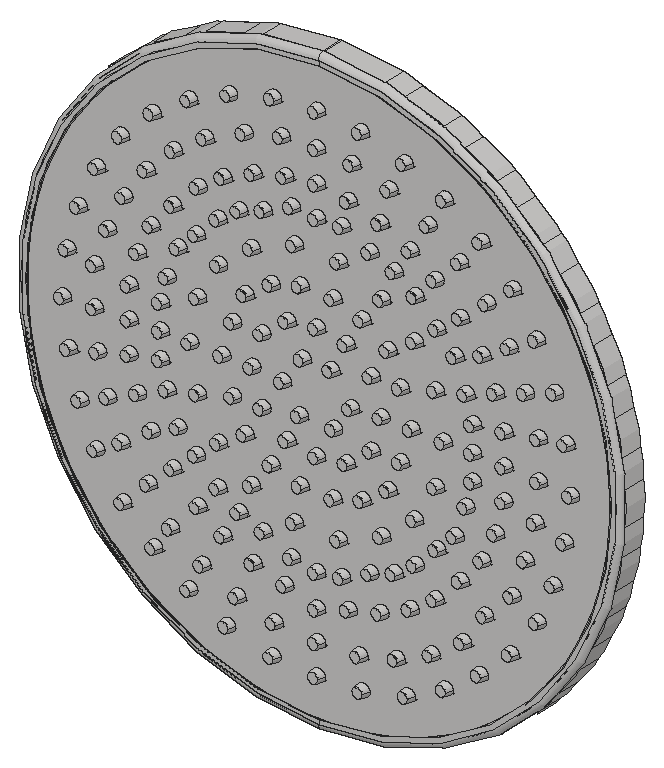
Revit family "51258-bim", category Plumbing Fixtures, host Face, Revit 2014
Parameters (values of type "Standard")
  Width = 11 27/32"  # constant formula
  Vent Connection = no
  URL = ""
  Manufacturer = ""
  Faucet Material = Metal - Delta - Stainless-Steel
  Model = "51258-bim"  # constant formula
  Height = 11 51/64"  # constant formula
  Description = "Faucet"  # constant formula
  Depth = 2 13/32"  # constant formula
  Default Elevation = 0"
Reference planes (in)
  plane 1 "Center (Front/Back)": y = 0
  plane 2: z = 0
  plane 3 "Center (Left/Right)": x = 0
  plane 4: y = 1.20312
  plane 5: y = -1.20313
  plane 6: z = 11.79687
  plane 7: x = 10.125
  plane 8: x = -5.92187
  plane 9: x = 5.92188
Forms (in)
  Revolve 1, solid, material "Metal - Delta - Stainless-Steel" <- "Faucet Material"
    sketch origin (0, 0, 0) x (0, 1, 0) y (0, 0, 1)
      loop
        line (-0.45086, 11.78051) -> (-0.88294, 11.78051)
        arc (-0.88294, 11.78051) -> (-0.96716, 11.74563) -> (-1.00205, 11.66141) r 0.1191
        line (-1.00205, 11.66141) -> (-1.00205, 11.57038) -> (-0.94299, 11.57038) -> (-0.94299, 11.66546)
        arc (-0.94299, 11.66546) -> (-0.92671, 11.70477) -> (-0.88741, 11.72105) r 0.05558
        line (-0.88741, 11.72105) -> (-0.45086, 11.72105) -> (-0.45086, 11.78051)
      loop
        line (-0.42566, 6.62303) -> (-0.42566, 5.875) -> (0.57614, 5.875) -> (0.57614, 6.03268) -> (1.22709, 6.03268) -> (1.22709, 6.31603)
        arc (1.22709, 6.31603) -> (1.22026, 6.33253) -> (1.20376, 6.33936) r 0.02333
        line (1.20376, 6.33936) -> (0.57338, 6.33936)
        arc (0.57338, 6.33936) -> (0.53452, 6.32327) -> (0.51843, 6.28441) r 0.05495
        line (0.51843, 6.28441) -> (0.51843, 6.21611) -> (0.40877, 6.21611)
        arc (0.40877, 6.21611) -> (0.37524, 6.24811) -> (0.33732, 6.27476) r 0.31046
        line (0.33732, 6.27476) -> (0.33732, 6.59478)
        arc (0.33732, 6.59478) -> (0.32905, 6.61476) -> (0.30908, 6.62303) r 0.02825
        line (0.30908, 6.62303) -> (-0.42566, 6.62303)
      axis (-1.00205, 5.875) -> (1.22709, 5.875)
    angle from 0 to 360
  Extrusion 2, solid, material "Metal - Delta - Stainless-Steel" <- "Faucet Material"
    sketch origin (0, 0, 0) x (1, 0, 0) y (0, 0, 1)
      loop
        circle (0, 5.875) r 5.69538
    from 0.45086 to 1.00205
  Blend 3, solid, material "Metal - Delta - Stainless-Steel" <- "Faucet Material"
    base sketch origin (0, 0, 0) x (1, 0, 0) y (0, 0, 1)
      loop
        circle (-0.85469, 10.74571) r 0.14299
    top sketch origin (0, 0, 0) x (1, 0, 0) y (0, 0, 1)
      loop
        circle (-0.85469, 10.74571) r 0.09774
    from 0.91543 to 1.14378
  Blend 4, solid, material "Metal - Delta - Stainless-Steel" <- "Faucet Material"
    base sketch origin (0.85469, 0, 0.07478) x (1, 0, 0) y (0, 0, 1)
      loop
        circle (-0.85469, 10.74571) r 0.14299
    top sketch origin (0.85469, 0, 0.07478) x (1, 0, 0) y (0, 0, 1)
      loop
        circle (-0.85469, 10.74571) r 0.09774
    from 0.91543 to 1.14378
  Blend 5, solid, material "Metal - Delta - Stainless-Steel" <- "Faucet Material"
    base sketch origin (-0.85206, 0, -0.24096) x (1, 0, 0) y (0, 0, 1)
      loop
        circle (-0.85469, 10.74571) r 0.14299
    top sketch origin (-0.85206, 0, -0.24096) x (1, 0, 0) y (0, 0, 1)
      loop
        circle (-0.85469, 10.74571) r 0.09774
    from 0.91543 to 1.14378
  Blend 6, solid, material "Metal - Delta - Stainless-Steel" <- "Faucet Material"
    base sketch origin (-1.62977, 0, -0.60362) x (1, 0, 0) y (0, 0, 1)
      loop
        circle (-0.85469, 10.74571) r 0.14299
    top sketch origin (-1.62977, 0, -0.60362) x (1, 0, 0) y (0, 0, 1)
      loop
        circle (-0.85469, 10.74571) r 0.09774
    from 0.91543 to 1.14378
  Blend 7, solid, material "Metal - Delta - Stainless-Steel" <- "Faucet Material"
    base sketch origin (-2.34575, 0, -1.08655) x (1, 0, 0) y (0, 0, 1)
      loop
        circle (-0.85469, 10.74571) r 0.14299
    top sketch origin (-2.34575, 0, -1.08655) x (1, 0, 0) y (0, 0, 1)
      loop
        circle (-0.85469, 10.74571) r 0.09774
    from 0.91543 to 1.14378
  Blend 8, solid, material "Metal - Delta - Stainless-Steel" <- "Faucet Material"
    base sketch origin (-2.95972, 0, -1.70052) x (1, 0, 0) y (0, 0, 1)
      loop
        circle (-0.85469, 10.74571) r 0.14299
    top sketch origin (-2.95972, 0, -1.70052) x (1, 0, 0) y (0, 0, 1)
      loop
        circle (-0.85469, 10.74571) r 0.09774
    from 0.91543 to 1.14378
  Blend 9, solid, material "Metal - Delta - Stainless-Steel" <- "Faucet Material"
    base sketch origin (-3.42343, 0, -2.41457) x (1, 0, 0) y (0, 0, 1)
      loop
        circle (-0.85469, 10.74571) r 0.14299
    top sketch origin (-3.42343, 0, -2.41457) x (1, 0, 0) y (0, 0, 1)
      loop
        circle (-0.85469, 10.74571) r 0.09774
    from 0.91543 to 1.14378
  Blend 10, solid, material "Metal - Delta - Stainless-Steel" <- "Faucet Material"
    base sketch origin (-3.77958, 0, -3.2145) x (1, 0, 0) y (0, 0, 1)
      loop
        circle (-0.85469, 10.74571) r 0.14299
    top sketch origin (-3.77958, 0, -3.2145) x (1, 0, 0) y (0, 0, 1)
      loop
        circle (-0.85469, 10.74571) r 0.09774
    from 0.91543 to 1.14378
  Blend 11, solid, material "Metal - Delta - Stainless-Steel" <- "Faucet Material"
    base sketch origin (-3.99912, 0, -4.03383) x (1, 0, 0) y (0, 0, 1)
      loop
        circle (-0.85469, 10.74571) r 0.14299
    top sketch origin (-3.99912, 0, -4.03383) x (1, 0, 0) y (0, 0, 1)
      loop
        circle (-0.85469, 10.74571) r 0.09774
    from 0.91543 to 1.14378
  Blend 12, solid, material "Metal - Delta - Stainless-Steel" <- "Faucet Material"
    base sketch origin (-4.09023, 0, -4.90065) x (1, 0, 0) y (0, 0, 1)
      loop
        circle (-0.85469, 10.74571) r 0.14299
    top sketch origin (-4.09023, 0, -4.90065) x (1, 0, 0) y (0, 0, 1)
      loop
        circle (-0.85469, 10.74571) r 0.09774
    from 0.91543 to 1.14378
  Blend 13, solid, material "Metal - Delta - Stainless-Steel" <- "Faucet Material"
    base sketch origin (-3.96941, 0, -5.76031) x (1, 0, 0) y (0, 0, 1)
      loop
        circle (-0.85469, 10.74571) r 0.14299
    top sketch origin (-3.96941, 0, -5.76031) x (1, 0, 0) y (0, 0, 1)
      loop
        circle (-0.85469, 10.74571) r 0.09774
    from 0.91543 to 1.14378
  Blend 14, solid, material "Metal - Delta - Stainless-Steel" <- "Faucet Material"
    base sketch origin (-3.74884, 0, -6.58349) x (1, 0, 0) y (0, 0, 1)
      loop
        circle (-0.85469, 10.74571) r 0.14299
    top sketch origin (-3.74884, 0, -6.58349) x (1, 0, 0) y (0, 0, 1)
      loop
        circle (-0.85469, 10.74571) r 0.09774
    from 0.91543 to 1.14378
  Blend 15, solid, material "Metal - Delta - Stainless-Steel" <- "Faucet Material"
    base sketch origin (-3.43807, 0, -7.33568) x (1, 0, 0) y (0, 0, 1)
      loop
        circle (-0.85469, 10.74571) r 0.14299
    top sketch origin (-3.43807, 0, -7.33568) x (1, 0, 0) y (0, 0, 1)
      loop
        circle (-0.85469, 10.74571) r 0.09774
    from 0.91543 to 1.14378
  Blend 16, solid, material "Metal - Delta - Stainless-Steel" <- "Faucet Material"
    base sketch origin (-2.91414, 0, -8.07505) x (1, 0, 0) y (0, 0, 1)
      loop
        circle (-0.85469, 10.74571) r 0.14299
    top sketch origin (-2.91414, 0, -8.07505) x (1, 0, 0) y (0, 0, 1)
      loop
        circle (-0.85469, 10.74571) r 0.09774
    from 0.91543 to 1.14378
  Blend 17, solid, material "Metal - Delta - Stainless-Steel" <- "Faucet Material"
    base sketch origin (-2.31124, 0, -8.64722) x (1, 0, 0) y (0, 0, 1)
      loop
        circle (-0.85469, 10.74571) r 0.14299
    top sketch origin (-2.31124, 0, -8.64722) x (1, 0, 0) y (0, 0, 1)
      loop
        circle (-0.85469, 10.74571) r 0.09774
    from 0.91543 to 1.14378
  Blend 18, solid, material "Metal - Delta - Stainless-Steel" <- "Faucet Material"
    base sketch origin (-1.62941, 0, -9.14156) x (1, 0, 0) y (0, 0, 1)
      loop
        circle (-0.85469, 10.74571) r 0.14299
    top sketch origin (-1.62941, 0, -9.14156) x (1, 0, 0) y (0, 0, 1)
      loop
        circle (-0.85469, 10.74571) r 0.09774
    from 0.91543 to 1.14378
  Blend 19, solid, material "Metal - Delta - Stainless-Steel" <- "Faucet Material"
    base sketch origin (-0.89226, 0, -9.51786) x (1, 0, 0) y (0, 0, 1)
      loop
        circle (-0.85469, 10.74571) r 0.14299
    top sketch origin (-0.89226, 0, -9.51786) x (1, 0, 0) y (0, 0, 1)
      loop
        circle (-0.85469, 10.74571) r 0.09774
    from 0.91543 to 1.14378
  Blend 20, solid, material "Metal - Delta - Stainless-Steel" <- "Faucet Material"
    base sketch origin (-0.0119, 0, -9.74166) x (1, 0, 0) y (0, 0, 1)
      loop
        circle (-0.85469, 10.74571) r 0.14299
    top sketch origin (-0.0119, 0, -9.74166) x (1, 0, 0) y (0, 0, 1)
      loop
        circle (-0.85469, 10.74571) r 0.09774
    from 0.91543 to 1.14378
  Blend 21, solid, material "Metal - Delta - Stainless-Steel" <- "Faucet Material"
    base sketch origin (0.85469, 0, -0.58274) x (1, 0, 0) y (0, 0, 1)
      loop
        circle (-0.85469, 10.74571) r 0.14299
    top sketch origin (0.85469, 0, -0.58274) x (1, 0, 0) y (0, 0, 1)
      loop
        circle (-0.85469, 10.74571) r 0.09774
    from 0.91543 to 1.14378
  Blend 22, solid, material "Metal - Delta - Stainless-Steel" <- "Faucet Material"
    base sketch origin (0.85469, 0, -1.19871) x (1, 0, 0) y (0, 0, 1)
      loop
        circle (-0.85469, 10.74571) r 0.14299
    top sketch origin (0.85469, 0, -1.19871) x (1, 0, 0) y (0, 0, 1)
      loop
        circle (-0.85469, 10.74571) r 0.09774
    from 0.91543 to 1.14378
  Blend 23, solid, material "Metal - Delta - Stainless-Steel" <- "Faucet Material"
    base sketch origin (0.85469, 0, -1.80035) x (1, 0, 0) y (0, 0, 1)
      loop
        circle (-0.85469, 10.74571) r 0.14299
    top sketch origin (0.85469, 0, -1.80035) x (1, 0, 0) y (0, 0, 1)
      loop
        circle (-0.85469, 10.74571) r 0.09774
    from 0.91543 to 1.14378
  Blend 24, solid, material "Metal - Delta - Stainless-Steel" <- "Faucet Material"
    base sketch origin (0.16859, 0, -0.61199) x (1, 0, 0) y (0, 0, 1)
      loop
        circle (-0.85469, 10.74571) r 0.14299
    top sketch origin (0.16859, 0, -0.61199) x (1, 0, 0) y (0, 0, 1)
      loop
        circle (-0.85469, 10.74571) r 0.09774
    from 0.91543 to 1.14378
  Blend 25, solid, material "Metal - Delta - Stainless-Steel" <- "Faucet Material"
    base sketch origin (-0.55585, 0, -0.8061) x (1, 0, 0) y (0, 0, 1)
      loop
        circle (-0.85469, 10.74571) r 0.14299
    top sketch origin (-0.55585, 0, -0.8061) x (1, 0, 0) y (0, 0, 1)
      loop
        circle (-0.85469, 10.74571) r 0.09774
    from 0.91543 to 1.14378
  Blend 26, solid, material "Metal - Delta - Stainless-Steel" <- "Faucet Material"
    base sketch origin (-1.31674, 0, -1.16091) x (1, 0, 0) y (0, 0, 1)
      loop
        circle (-0.85469, 10.74571) r 0.14299
    top sketch origin (-1.31674, 0, -1.16091) x (1, 0, 0) y (0, 0, 1)
      loop
        circle (-0.85469, 10.74571) r 0.09774
    from 0.91543 to 1.14378
  Blend 27, solid, material "Metal - Delta - Stainless-Steel" <- "Faucet Material"
    base sketch origin (-1.93111, 0, -1.59109) x (1, 0, 0) y (0, 0, 1)
      loop
        circle (-0.85469, 10.74571) r 0.14299
    top sketch origin (-1.93111, 0, -1.59109) x (1, 0, 0) y (0, 0, 1)
      loop
        circle (-0.85469, 10.74571) r 0.09774
    from 0.91543 to 1.14378
  Blend 28, solid, material "Metal - Delta - Stainless-Steel" <- "Faucet Material"
    base sketch origin (-2.46144, 0, -2.12142) x (1, 0, 0) y (0, 0, 1)
      loop
        circle (-0.85469, 10.74571) r 0.14299
    top sketch origin (-2.46144, 0, -2.12142) x (1, 0, 0) y (0, 0, 1)
      loop
        circle (-0.85469, 10.74571) r 0.09774
    from 0.91543 to 1.14378
  Blend 29, solid, material "Metal - Delta - Stainless-Steel" <- "Faucet Material"
    base sketch origin (-2.89162, 0, -2.73579) x (1, 0, 0) y (0, 0, 1)
      loop
        circle (-0.85469, 10.74571) r 0.14299
    top sketch origin (-2.89162, 0, -2.73579) x (1, 0, 0) y (0, 0, 1)
      loop
        circle (-0.85469, 10.74571) r 0.09774
    from 0.91543 to 1.14378
  Blend 30, solid, material "Metal - Delta - Stainless-Steel" <- "Faucet Material"
    base sketch origin (-3.20858, 0, -3.41552) x (1, 0, 0) y (0, 0, 1)
      loop
        circle (-0.85469, 10.74571) r 0.14299
    top sketch origin (-3.20858, 0, -3.41552) x (1, 0, 0) y (0, 0, 1)
      loop
        circle (-0.85469, 10.74571) r 0.09774
    from 0.91543 to 1.14378
  Blend 31, solid, material "Metal - Delta - Stainless-Steel" <- "Faucet Material"
    base sketch origin (-3.4651, 0, -4.12029) x (1, 0, 0) y (0, 0, 1)
      loop
        circle (-0.85469, 10.74571) r 0.14299
    top sketch origin (-3.4651, 0, -4.12029) x (1, 0, 0) y (0, 0, 1)
      loop
        circle (-0.85469, 10.74571) r 0.09774
    from 0.91543 to 1.14378
  Blend 32, solid, material "Metal - Delta - Stainless-Steel" <- "Faucet Material"
    base sketch origin (-3.4651, 0, -4.87029) x (1, 0, 0) y (0, 0, 1)
      loop
        circle (-0.85469, 10.74571) r 0.14299
    top sketch origin (-3.4651, 0, -4.87029) x (1, 0, 0) y (0, 0, 1)
      loop
        circle (-0.85469, 10.74571) r 0.09774
    from 0.91543 to 1.14378
  Blend 33, solid, material "Metal - Delta - Stainless-Steel" <- "Faucet Material"
    base sketch origin (-3.39973, 0, -5.61743) x (1, 0, 0) y (0, 0, 1)
      loop
        circle (-0.85469, 10.74571) r 0.14299
    top sketch origin (-3.39973, 0, -5.61743) x (1, 0, 0) y (0, 0, 1)
      loop
        circle (-0.85469, 10.74571) r 0.09774
    from 0.91543 to 1.14378
  Blend 34, solid, material "Metal - Delta - Stainless-Steel" <- "Faucet Material"
    base sketch origin (-3.20562, 0, -6.34188) x (1, 0, 0) y (0, 0, 1)
      loop
        circle (-0.85469, 10.74571) r 0.14299
    top sketch origin (-3.20562, 0, -6.34188) x (1, 0, 0) y (0, 0, 1)
      loop
        circle (-0.85469, 10.74571) r 0.09774
    from 0.91543 to 1.14378
  Blend 35, solid, material "Metal - Delta - Stainless-Steel" <- "Faucet Material"
    base sketch origin (-2.9491, 0, -7.04665) x (1, 0, 0) y (0, 0, 1)
      loop
        circle (-0.85469, 10.74571) r 0.14299
    top sketch origin (-2.9491, 0, -7.04665) x (1, 0, 0) y (0, 0, 1)
      loop
        circle (-0.85469, 10.74571) r 0.09774
    from 0.91543 to 1.14378
  Blend 36, solid, material "Metal - Delta - Stainless-Steel" <- "Faucet Material"
    base sketch origin (-2.41877, 0, -7.57698) x (1, 0, 0) y (0, 0, 1)
      loop
        circle (-0.85469, 10.74571) r 0.14299
    top sketch origin (-2.41877, 0, -7.57698) x (1, 0, 0) y (0, 0, 1)
      loop
        circle (-0.85469, 10.74571) r 0.09774
    from 0.91543 to 1.14378
  Blend 37, solid, material "Metal - Delta - Stainless-Steel" <- "Faucet Material"
    base sketch origin (-1.98859, 0, -8.19134) x (1, 0, 0) y (0, 0, 1)
      loop
        circle (-0.85469, 10.74571) r 0.14299
    top sketch origin (-1.98859, 0, -8.19134) x (1, 0, 0) y (0, 0, 1)
      loop
        circle (-0.85469, 10.74571) r 0.09774
    from 0.91543 to 1.14378
  Blend 38, solid, material "Metal - Delta - Stainless-Steel" <- "Faucet Material"
    base sketch origin (-1.37422, 0, -8.62152) x (1, 0, 0) y (0, 0, 1)
      loop
        circle (-0.85469, 10.74571) r 0.14299
    top sketch origin (-1.37422, 0, -8.62152) x (1, 0, 0) y (0, 0, 1)
      loop
        circle (-0.85469, 10.74571) r 0.09774
    from 0.91543 to 1.14378
  Blend 39, solid, material "Metal - Delta - Stainless-Steel" <- "Faucet Material"
    base sketch origin (-0.69449, 0, -8.93849) x (1, 0, 0) y (0, 0, 1)
      loop
        circle (-0.85469, 10.74571) r 0.14299
    top sketch origin (-0.69449, 0, -8.93849) x (1, 0, 0) y (0, 0, 1)
      loop
        circle (-0.85469, 10.74571) r 0.09774
    from 0.91543 to 1.14378
  Blend 40, solid, material "Metal - Delta - Stainless-Steel" <- "Faucet Material"
    base sketch origin (0.02995, 0, -9.1326) x (1, 0, 0) y (0, 0, 1)
      loop
        circle (-0.85469, 10.74571) r 0.14299
    top sketch origin (0.02995, 0, -9.1326) x (1, 0, 0) y (0, 0, 1)
      loop
        circle (-0.85469, 10.74571) r 0.09774
    from 0.91543 to 1.14378
  Blend 41, solid, material "Metal - Delta - Stainless-Steel" <- "Faucet Material"
    base sketch origin (0.23757, 0, -1.28434) x (1, 0, 0) y (0, 0, 1)
      loop
        circle (-0.85469, 10.74571) r 0.14299
    top sketch origin (0.23757, 0, -1.28434) x (1, 0, 0) y (0, 0, 1)
      loop
        circle (-0.85469, 10.74571) r 0.09774
    from 0.91543 to 1.14378
  Blend 42, solid, material "Metal - Delta - Stainless-Steel" <- "Faucet Material"
    base sketch origin (-0.3801, 0, -1.44984) x (1, 0, 0) y (0, 0, 1)
      loop
        circle (-0.85469, 10.74571) r 0.14299
    top sketch origin (-0.3801, 0, -1.44984) x (1, 0, 0) y (0, 0, 1)
      loop
        circle (-0.85469, 10.74571) r 0.09774
    from 0.91543 to 1.14378
  Blend 43, solid, material "Metal - Delta - Stainless-Steel" <- "Faucet Material"
    base sketch origin (-0.96558, 0, -1.72286) x (1, 0, 0) y (0, 0, 1)
      loop
        circle (-0.85469, 10.74571) r 0.14299
    top sketch origin (-0.96558, 0, -1.72286) x (1, 0, 0) y (0, 0, 1)
      loop
        circle (-0.85469, 10.74571) r 0.09774
    from 0.91543 to 1.14378
  Blend 44, solid, material "Metal - Delta - Stainless-Steel" <- "Faucet Material"
    base sketch origin (-1.45082, 0, -2.06262) x (1, 0, 0) y (0, 0, 1)
      loop
        circle (-0.85469, 10.74571) r 0.14299
    top sketch origin (-1.45082, 0, -2.06262) x (1, 0, 0) y (0, 0, 1)
      loop
        circle (-0.85469, 10.74571) r 0.09774
    from 0.91543 to 1.14378
  Blend 45, solid, material "Metal - Delta - Stainless-Steel" <- "Faucet Material"
    base sketch origin (-1.94112, 0, -2.55292) x (1, 0, 0) y (0, 0, 1)
      loop
        circle (-0.85469, 10.74571) r 0.14299
    top sketch origin (-1.94112, 0, -2.55292) x (1, 0, 0) y (0, 0, 1)
      loop
        circle (-0.85469, 10.74571) r 0.09774
    from 0.91543 to 1.14378
  Blend 46, solid, material "Metal - Delta - Stainless-Steel" <- "Faucet Material"
    base sketch origin (-2.36377, 0, -3.05662) x (1, 0, 0) y (0, 0, 1)
      loop
        circle (-0.85469, 10.74571) r 0.14299
    top sketch origin (-2.36377, 0, -3.05662) x (1, 0, 0) y (0, 0, 1)
      loop
        circle (-0.85469, 10.74571) r 0.09774
    from 0.91543 to 1.14378
  Blend 47, solid, material "Metal - Delta - Stainless-Steel" <- "Faucet Material"
    base sketch origin (-2.62563, 0, -3.61817) x (1, 0, 0) y (0, 0, 1)
      loop
        circle (-0.85469, 10.74571) r 0.14299
    top sketch origin (-2.62563, 0, -3.61817) x (1, 0, 0) y (0, 0, 1)
      loop
        circle (-0.85469, 10.74571) r 0.09774
    from 0.91543 to 1.14378
  Blend 48, solid, material "Metal - Delta - Stainless-Steel" <- "Faucet Material"
    base sketch origin (-2.79208, 0, -4.23938) x (1, 0, 0) y (0, 0, 1)
      loop
        circle (-0.85469, 10.74571) r 0.14299
    top sketch origin (-2.79208, 0, -4.23938) x (1, 0, 0) y (0, 0, 1)
      loop
        circle (-0.85469, 10.74571) r 0.09774
    from 0.91543 to 1.14378
  Blend 49, solid, material "Metal - Delta - Stainless-Steel" <- "Faucet Material"
    base sketch origin (-2.79208, 0, -4.84676) x (1, 0, 0) y (0, 0, 1)
      loop
        circle (-0.85469, 10.74571) r 0.14299
    top sketch origin (-2.79208, 0, -4.84676) x (1, 0, 0) y (0, 0, 1)
      loop
        circle (-0.85469, 10.74571) r 0.09774
    from 0.91543 to 1.14378
  Blend 50, solid, material "Metal - Delta - Stainless-Steel" <- "Faucet Material"
    base sketch origin (0.23757, 0, 13.08223) x (1, 0, 0) y (0, 0, 1)
      loop
        circle (-0.85469, -10.74571) r 0.14299
    top sketch origin (0.23757, 0, 13.08223) x (1, 0, 0) y (0, 0, 1)
      loop
        circle (-0.85469, -10.74571) r 0.09774
    from 0.91543 to 1.14378
  Blend 51, solid, material "Metal - Delta - Stainless-Steel" <- "Faucet Material"
    base sketch origin (-0.3801, 0, 13.24774) x (1, 0, 0) y (0, 0, 1)
      loop
        circle (-0.85469, -10.74571) r 0.14299
    top sketch origin (-0.3801, 0, 13.24774) x (1, 0, 0) y (0, 0, 1)
      loop
        circle (-0.85469, -10.74571) r 0.09774
    from 0.91543 to 1.14378
  Blend 52, solid, material "Metal - Delta - Stainless-Steel" <- "Faucet Material"
    base sketch origin (-0.96558, 0, 13.52075) x (1, 0, 0) y (0, 0, 1)
      loop
        circle (-0.85469, -10.74571) r 0.14299
    top sketch origin (-0.96558, 0, 13.52075) x (1, 0, 0) y (0, 0, 1)
      loop
        circle (-0.85469, -10.74571) r 0.09774
    from 0.91543 to 1.14378
  Blend 53, solid, material "Metal - Delta - Stainless-Steel" <- "Faucet Material"
    base sketch origin (-1.45082, 0, 13.86052) x (1, 0, 0) y (0, 0, 1)
      loop
        circle (-0.85469, -10.74571) r 0.14299
    top sketch origin (-1.45082, 0, 13.86052) x (1, 0, 0) y (0, 0, 1)
      loop
        circle (-0.85469, -10.74571) r 0.09774
    from 0.91543 to 1.14378
  Blend 54, solid, material "Metal - Delta - Stainless-Steel" <- "Faucet Material"
    base sketch origin (-1.94112, 0, 14.35082) x (1, 0, 0) y (0, 0, 1)
      loop
        circle (-0.85469, -10.74571) r 0.14299
    top sketch origin (-1.94112, 0, 14.35082) x (1, 0, 0) y (0, 0, 1)
      loop
        circle (-0.85469, -10.74571) r 0.09774
    from 0.91543 to 1.14378
  Blend 55, solid, material "Metal - Delta - Stainless-Steel" <- "Faucet Material"
    base sketch origin (-2.36377, 0, 14.85452) x (1, 0, 0) y (0, 0, 1)
      loop
        circle (-0.85469, -10.74571) r 0.14299
    top sketch origin (-2.36377, 0, 14.85452) x (1, 0, 0) y (0, 0, 1)
      loop
        circle (-0.85469, -10.74571) r 0.09774
    from 0.91543 to 1.14378
  Blend 56, solid, material "Metal - Delta - Stainless-Steel" <- "Faucet Material"
    base sketch origin (-2.62563, 0, 15.41607) x (1, 0, 0) y (0, 0, 1)
      loop
        circle (-0.85469, -10.74571) r 0.14299
    top sketch origin (-2.62563, 0, 15.41607) x (1, 0, 0) y (0, 0, 1)
      loop
        circle (-0.85469, -10.74571) r 0.09774
    from 0.91543 to 1.14378
  Blend 57, solid, material "Metal - Delta - Stainless-Steel" <- "Faucet Material"
    base sketch origin (-2.79208, 0, 16.03727) x (1, 0, 0) y (0, 0, 1)
      loop
        circle (-0.85469, -10.74571) r 0.14299
    top sketch origin (-2.79208, 0, 16.03727) x (1, 0, 0) y (0, 0, 1)
      loop
        circle (-0.85469, -10.74571) r 0.09774
    from 0.91543 to 1.14378
  Blend 58, solid, material "Metal - Delta - Stainless-Steel" <- "Faucet Material"
    base sketch origin (0.36698, 0, -1.7673) x (1, 0, 0) y (0, 0, 1)
      loop
        circle (-0.85469, 10.74571) r 0.14299
    top sketch origin (0.36698, 0, -1.7673) x (1, 0, 0) y (0, 0, 1)
      loop
        circle (-0.85469, 10.74571) r 0.09774
    from 0.91543 to 1.14378
  Blend 59, solid, material "Metal - Delta - Stainless-Steel" <- "Faucet Material"
    base sketch origin (-0.18414, 0, -2.02429) x (1, 0, 0) y (0, 0, 1)
      loop
        circle (-0.85469, 10.74571) r 0.14299
    top sketch origin (-0.18414, 0, -2.02429) x (1, 0, 0) y (0, 0, 1)
      loop
        circle (-0.85469, 10.74571) r 0.09774
    from 0.91543 to 1.14378
  Blend 60, solid, material "Metal - Delta - Stainless-Steel" <- "Faucet Material"
    base sketch origin (-0.65399, 0, -2.1953) x (1, 0, 0) y (0, 0, 1)
      loop
        circle (-0.85469, 10.74571) r 0.14299
    top sketch origin (-0.65399, 0, -2.1953) x (1, 0, 0) y (0, 0, 1)
      loop
        circle (-0.85469, 10.74571) r 0.09774
    from 0.91543 to 1.14378
  Blend 61, solid, material "Metal - Delta - Stainless-Steel" <- "Faucet Material"
    base sketch origin (-1.06356, 0, -2.48209) x (1, 0, 0) y (0, 0, 1)
      loop
        circle (-0.85469, 10.74571) r 0.14299
    top sketch origin (-1.06356, 0, -2.48209) x (1, 0, 0) y (0, 0, 1)
      loop
        circle (-0.85469, 10.74571) r 0.09774
    from 0.91543 to 1.14378
  Blend 62, solid, material "Metal - Delta - Stainless-Steel" <- "Faucet Material"
    base sketch origin (-1.48565, 0, -2.90418) x (1, 0, 0) y (0, 0, 1)
      loop
        circle (-0.85469, 10.74571) r 0.14299
    top sketch origin (-1.48565, 0, -2.90418) x (1, 0, 0) y (0, 0, 1)
      loop
        circle (-0.85469, 10.74571) r 0.09774
    from 0.91543 to 1.14378
  Blend 63, solid, material "Metal - Delta - Stainless-Steel" <- "Faucet Material"
    base sketch origin (-1.83921, 0, -3.25773) x (1, 0, 0) y (0, 0, 1)
      loop
        circle (-0.85469, 10.74571) r 0.14299
    top sketch origin (-1.83921, 0, -3.25773) x (1, 0, 0) y (0, 0, 1)
      loop
        circle (-0.85469, 10.74571) r 0.09774
    from 0.91543 to 1.14378
  Blend 64, solid, material "Metal - Delta - Stainless-Steel" <- "Faucet Material"
    base sketch origin (-2.05192, 0, -3.84217) x (1, 0, 0) y (0, 0, 1)
      loop
        circle (-0.85469, 10.74571) r 0.14299
    top sketch origin (-2.05192, 0, -3.84217) x (1, 0, 0) y (0, 0, 1)
      loop
        circle (-0.85469, 10.74571) r 0.09774
    from 0.91543 to 1.14378
  Blend 65, solid, material "Metal - Delta - Stainless-Steel" <- "Faucet Material"
    base sketch origin (-2.18133, 0, -4.32513) x (1, 0, 0) y (0, 0, 1)
      loop
        circle (-0.85469, 10.74571) r 0.14299
    top sketch origin (-2.18133, 0, -4.32513) x (1, 0, 0) y (0, 0, 1)
      loop
        circle (-0.85469, 10.74571) r 0.09774
    from 0.91543 to 1.14378
  Blend 66, solid, material "Metal - Delta - Stainless-Steel" <- "Faucet Material"
    base sketch origin (-2.18133, 0, -4.82513) x (1, 0, 0) y (0, 0, 1)
      loop
        circle (-0.85469, 10.74571) r 0.14299
    top sketch origin (-2.18133, 0, -4.82513) x (1, 0, 0) y (0, 0, 1)
      loop
        circle (-0.85469, 10.74571) r 0.09774
    from 0.91543 to 1.14378
  Blend 67, solid, material "Metal - Delta - Stainless-Steel" <- "Faucet Material"
    base sketch origin (0.36698, 0, 13.60846) x (1, 0, 0) y (0, 0, 1)
      loop
        circle (-0.85469, -10.74571) r 0.14299
    top sketch origin (0.36698, 0, 13.60846) x (1, 0, 0) y (0, 0, 1)
      loop
        circle (-0.85469, -10.74571) r 0.09774
    from 0.91543 to 1.14378
  Blend 68, solid, material "Metal - Delta - Stainless-Steel" <- "Faucet Material"
    base sketch origin (-0.18414, 0, 13.86545) x (1, 0, 0) y (0, 0, 1)
      loop
        circle (-0.85469, -10.74571) r 0.14299
    top sketch origin (-0.18414, 0, 13.86545) x (1, 0, 0) y (0, 0, 1)
      loop
        circle (-0.85469, -10.74571) r 0.09774
    from 0.91543 to 1.14378
  Blend 69, solid, material "Metal - Delta - Stainless-Steel" <- "Faucet Material"
    base sketch origin (-0.65399, 0, 14.03646) x (1, 0, 0) y (0, 0, 1)
      loop
        circle (-0.85469, -10.74571) r 0.14299
    top sketch origin (-0.65399, 0, 14.03646) x (1, 0, 0) y (0, 0, 1)
      loop
        circle (-0.85469, -10.74571) r 0.09774
    from 0.91543 to 1.14378
  Blend 70, solid, material "Metal - Delta - Stainless-Steel" <- "Faucet Material"
    base sketch origin (-1.06356, 0, 14.32325) x (1, 0, 0) y (0, 0, 1)
      loop
        circle (-0.85469, -10.74571) r 0.14299
    top sketch origin (-1.06356, 0, 14.32325) x (1, 0, 0) y (0, 0, 1)
      loop
        circle (-0.85469, -10.74571) r 0.09774
    from 0.91543 to 1.14378
  Blend 71, solid, material "Metal - Delta - Stainless-Steel" <- "Faucet Material"
    base sketch origin (-1.48565, 0, 14.74534) x (1, 0, 0) y (0, 0, 1)
      loop
        circle (-0.85469, -10.74571) r 0.14299
    top sketch origin (-1.48565, 0, 14.74534) x (1, 0, 0) y (0, 0, 1)
      loop
        circle (-0.85469, -10.74571) r 0.09774
    from 0.91543 to 1.14378
  Blend 72, solid, material "Metal - Delta - Stainless-Steel" <- "Faucet Material"
    base sketch origin (-1.83921, 0, 15.09889) x (1, 0, 0) y (0, 0, 1)
      loop
        circle (-0.85469, -10.74571) r 0.14299
    top sketch origin (-1.83921, 0, 15.09889) x (1, 0, 0) y (0, 0, 1)
      loop
        circle (-0.85469, -10.74571) r 0.09774
    from 0.91543 to 1.14378
  Blend 73, solid, material "Metal - Delta - Stainless-Steel" <- "Faucet Material"
    base sketch origin (-2.05192, 0, 15.68332) x (1, 0, 0) y (0, 0, 1)
      loop
        circle (-0.85469, -10.74571) r 0.14299
    top sketch origin (-2.05192, 0, 15.68332) x (1, 0, 0) y (0, 0, 1)
      loop
        circle (-0.85469, -10.74571) r 0.09774
    from 0.91543 to 1.14378
  Blend 74, solid, material "Metal - Delta - Stainless-Steel" <- "Faucet Material"
    base sketch origin (-2.18133, 0, 16.16629) x (1, 0, 0) y (0, 0, 1)
      loop
        circle (-0.85469, -10.74571) r 0.14299
    top sketch origin (-2.18133, 0, 16.16629) x (1, 0, 0) y (0, 0, 1)
      loop
        circle (-0.85469, -10.74571) r 0.09774
    from 0.91543 to 1.14378
  Blend 75, solid, material "Metal - Delta - Stainless-Steel" <- "Faucet Material"
    base sketch origin (0, 0, 0) x (-1, 0, 0) y (0, 0, -1)
      loop
        circle (-0.85469, -10.74571) r 0.14299
    top sketch origin (0, 0, 0) x (-1, 0, 0) y (0, 0, -1)
      loop
        circle (-0.85469, -10.74571) r 0.09774
    from 0.91543 to 1.14378
  Blend 76, solid, material "Metal - Delta - Stainless-Steel" <- "Faucet Material"
    base sketch origin (0.85206, 0, -0.24096) x (-1, 0, 0) y (0, 0, -1)
      loop
        circle (-0.85469, -10.74571) r 0.14299
    top sketch origin (0.85206, 0, -0.24096) x (-1, 0, 0) y (0, 0, -1)
      loop
        circle (-0.85469, -10.74571) r 0.09774
    from 0.91543 to 1.14378
  Blend 77, solid, material "Metal - Delta - Stainless-Steel" <- "Faucet Material"
    base sketch origin (1.62977, 0, -0.60362) x (-1, 0, 0) y (0, 0, -1)
      loop
        circle (-0.85469, -10.74571) r 0.14299
    top sketch origin (1.62977, 0, -0.60362) x (-1, 0, 0) y (0, 0, -1)
      loop
        circle (-0.85469, -10.74571) r 0.09774
    from 0.91543 to 1.14378
  Blend 78, solid, material "Metal - Delta - Stainless-Steel" <- "Faucet Material"
    base sketch origin (2.34575, 0, -1.08655) x (-1, 0, 0) y (0, 0, -1)
      loop
        circle (-0.85469, -10.74571) r 0.14299
    top sketch origin (2.34575, 0, -1.08655) x (-1, 0, 0) y (0, 0, -1)
      loop
        circle (-0.85469, -10.74571) r 0.09774
    from 0.91543 to 1.14378
  Blend 79, solid, material "Metal - Delta - Stainless-Steel" <- "Faucet Material"
    base sketch origin (2.95972, 0, -1.70052) x (-1, 0, 0) y (0, 0, -1)
      loop
        circle (-0.85469, -10.74571) r 0.14299
    top sketch origin (2.95972, 0, -1.70052) x (-1, 0, 0) y (0, 0, -1)
      loop
        circle (-0.85469, -10.74571) r 0.09774
    from 0.91543 to 1.14378
  Blend 80, solid, material "Metal - Delta - Stainless-Steel" <- "Faucet Material"
    base sketch origin (3.42343, 0, -2.41457) x (-1, 0, 0) y (0, 0, -1)
      loop
        circle (-0.85469, -10.74571) r 0.14299
    top sketch origin (3.42343, 0, -2.41457) x (-1, 0, 0) y (0, 0, -1)
      loop
        circle (-0.85469, -10.74571) r 0.09774
    from 0.91543 to 1.14378
  Blend 81, solid, material "Metal - Delta - Stainless-Steel" <- "Faucet Material"
    base sketch origin (3.77958, 0, -3.2145) x (-1, 0, 0) y (0, 0, -1)
      loop
        circle (-0.85469, -10.74571) r 0.14299
    top sketch origin (3.77958, 0, -3.2145) x (-1, 0, 0) y (0, 0, -1)
      loop
        circle (-0.85469, -10.74571) r 0.09774
    from 0.91543 to 1.14378
  Blend 82, solid, material "Metal - Delta - Stainless-Steel" <- "Faucet Material"
    base sketch origin (3.99912, 0, -4.03383) x (-1, 0, 0) y (0, 0, -1)
      loop
        circle (-0.85469, -10.74571) r 0.14299
    top sketch origin (3.99912, 0, -4.03383) x (-1, 0, 0) y (0, 0, -1)
      loop
        circle (-0.85469, -10.74571) r 0.09774
    from 0.91543 to 1.14378
  Blend 83, solid, material "Metal - Delta - Stainless-Steel" <- "Faucet Material"
    base sketch origin (4.09023, 0, -4.90065) x (-1, 0, 0) y (0, 0, -1)
      loop
        circle (-0.85469, -10.74571) r 0.14299
    top sketch origin (4.09023, 0, -4.90065) x (-1, 0, 0) y (0, 0, -1)
      loop
        circle (-0.85469, -10.74571) r 0.09774
    from 0.91543 to 1.14378
  Blend 84, solid, material "Metal - Delta - Stainless-Steel" <- "Faucet Material"
    base sketch origin (3.96941, 0, -5.76031) x (-1, 0, 0) y (0, 0, -1)
      loop
        circle (-0.85469, -10.74571) r 0.14299
    top sketch origin (3.96941, 0, -5.76031) x (-1, 0, 0) y (0, 0, -1)
      loop
        circle (-0.85469, -10.74571) r 0.09774
    from 0.91543 to 1.14378
  Blend 85, solid, material "Metal - Delta - Stainless-Steel" <- "Faucet Material"
    base sketch origin (3.74884, 0, -6.58349) x (-1, 0, 0) y (0, 0, -1)
      loop
        circle (-0.85469, -10.74571) r 0.14299
    top sketch origin (3.74884, 0, -6.58349) x (-1, 0, 0) y (0, 0, -1)
      loop
        circle (-0.85469, -10.74571) r 0.09774
    from 0.91543 to 1.14378
  Blend 86, solid, material "Metal - Delta - Stainless-Steel" <- "Faucet Material"
    base sketch origin (3.43807, 0, -7.33568) x (-1, 0, 0) y (0, 0, -1)
      loop
        circle (-0.85469, -10.74571) r 0.14299
    top sketch origin (3.43807, 0, -7.33568) x (-1, 0, 0) y (0, 0, -1)
      loop
        circle (-0.85469, -10.74571) r 0.09774
    from 0.91543 to 1.14378
  Blend 87, solid, material "Metal - Delta - Stainless-Steel" <- "Faucet Material"
    base sketch origin (2.91414, 0, -8.07505) x (-1, 0, 0) y (0, 0, -1)
      loop
        circle (-0.85469, -10.74571) r 0.14299
    top sketch origin (2.91414, 0, -8.07505) x (-1, 0, 0) y (0, 0, -1)
      loop
        circle (-0.85469, -10.74571) r 0.09774
    from 0.91543 to 1.14378
  Blend 88, solid, material "Metal - Delta - Stainless-Steel" <- "Faucet Material"
    base sketch origin (2.31124, 0, -8.64722) x (-1, 0, 0) y (0, 0, -1)
      loop
        circle (-0.85469, -10.74571) r 0.14299
    top sketch origin (2.31124, 0, -8.64722) x (-1, 0, 0) y (0, 0, -1)
      loop
        circle (-0.85469, -10.74571) r 0.09774
    from 0.91543 to 1.14378
  Blend 89, solid, material "Metal - Delta - Stainless-Steel" <- "Faucet Material"
    base sketch origin (1.62941, 0, -9.14156) x (-1, 0, 0) y (0, 0, -1)
      loop
        circle (-0.85469, -10.74571) r 0.14299
    top sketch origin (1.62941, 0, -9.14156) x (-1, 0, 0) y (0, 0, -1)
      loop
        circle (-0.85469, -10.74571) r 0.09774
    from 0.91543 to 1.14378
  Blend 90, solid, material "Metal - Delta - Stainless-Steel" <- "Faucet Material"
    base sketch origin (0.89226, 0, -9.51786) x (-1, 0, 0) y (0, 0, -1)
      loop
        circle (-0.85469, -10.74571) r 0.14299
    top sketch origin (0.89226, 0, -9.51786) x (-1, 0, 0) y (0, 0, -1)
      loop
        circle (-0.85469, -10.74571) r 0.09774
    from 0.91543 to 1.14378
  Blend 91, solid, material "Metal - Delta - Stainless-Steel" <- "Faucet Material"
    base sketch origin (0.0119, 0, -9.74166) x (-1, 0, 0) y (0, 0, -1)
      loop
        circle (-0.85469, -10.74571) r 0.14299
    top sketch origin (0.0119, 0, -9.74166) x (-1, 0, 0) y (0, 0, -1)
      loop
        circle (-0.85469, -10.74571) r 0.09774
    from 0.91543 to 1.14378
  Blend 92, solid, material "Metal - Delta - Stainless-Steel" <- "Faucet Material"
    base sketch origin (-0.16859, 0, -0.61199) x (-1, 0, 0) y (0, 0, -1)
      loop
        circle (-0.85469, -10.74571) r 0.14299
    top sketch origin (-0.16859, 0, -0.61199) x (-1, 0, 0) y (0, 0, -1)
      loop
        circle (-0.85469, -10.74571) r 0.09774
    from 0.91543 to 1.14378
  Blend 93, solid, material "Metal - Delta - Stainless-Steel" <- "Faucet Material"
    base sketch origin (0.55585, 0, -0.8061) x (-1, 0, 0) y (0, 0, -1)
      loop
        circle (-0.85469, -10.74571) r 0.14299
    top sketch origin (0.55585, 0, -0.8061) x (-1, 0, 0) y (0, 0, -1)
      loop
        circle (-0.85469, -10.74571) r 0.09774
    from 0.91543 to 1.14378
  Blend 94, solid, material "Metal - Delta - Stainless-Steel" <- "Faucet Material"
    base sketch origin (1.31674, 0, -1.16091) x (-1, 0, 0) y (0, 0, -1)
      loop
        circle (-0.85469, -10.74571) r 0.14299
    top sketch origin (1.31674, 0, -1.16091) x (-1, 0, 0) y (0, 0, -1)
      loop
        circle (-0.85469, -10.74571) r 0.09774
    from 0.91543 to 1.14378
  Blend 95, solid, material "Metal - Delta - Stainless-Steel" <- "Faucet Material"
    base sketch origin (1.93111, 0, -1.59109) x (-1, 0, 0) y (0, 0, -1)
      loop
        circle (-0.85469, -10.74571) r 0.14299
    top sketch origin (1.93111, 0, -1.59109) x (-1, 0, 0) y (0, 0, -1)
      loop
        circle (-0.85469, -10.74571) r 0.09774
    from 0.91543 to 1.14378
  Blend 96, solid, material "Metal - Delta - Stainless-Steel" <- "Faucet Material"
    base sketch origin (2.46144, 0, -2.12142) x (-1, 0, 0) y (0, 0, -1)
      loop
        circle (-0.85469, -10.74571) r 0.14299
    top sketch origin (2.46144, 0, -2.12142) x (-1, 0, 0) y (0, 0, -1)
      loop
        circle (-0.85469, -10.74571) r 0.09774
    from 0.91543 to 1.14378
  Blend 97, solid, material "Metal - Delta - Stainless-Steel" <- "Faucet Material"
    base sketch origin (2.89162, 0, -2.73579) x (-1, 0, 0) y (0, 0, -1)
      loop
        circle (-0.85469, -10.74571) r 0.14299
    top sketch origin (2.89162, 0, -2.73579) x (-1, 0, 0) y (0, 0, -1)
      loop
        circle (-0.85469, -10.74571) r 0.09774
    from 0.91543 to 1.14378
  Blend 98, solid, material "Metal - Delta - Stainless-Steel" <- "Faucet Material"
    base sketch origin (3.20858, 0, -3.41552) x (-1, 0, 0) y (0, 0, -1)
      loop
        circle (-0.85469, -10.74571) r 0.14299
    top sketch origin (3.20858, 0, -3.41552) x (-1, 0, 0) y (0, 0, -1)
      loop
        circle (-0.85469, -10.74571) r 0.09774
    from 0.91543 to 1.14378
  Blend 99, solid, material "Metal - Delta - Stainless-Steel" <- "Faucet Material"
    base sketch origin (3.4651, 0, -4.12029) x (-1, 0, 0) y (0, 0, -1)
      loop
        circle (-0.85469, -10.74571) r 0.14299
    top sketch origin (3.4651, 0, -4.12029) x (-1, 0, 0) y (0, 0, -1)
      loop
        circle (-0.85469, -10.74571) r 0.09774
    from 0.91543 to 1.14378
  Blend 100, solid, material "Metal - Delta - Stainless-Steel" <- "Faucet Material"
    base sketch origin (3.4651, 0, -4.87029) x (-1, 0, 0) y (0, 0, -1)
      loop
        circle (-0.85469, -10.74571) r 0.14299
    top sketch origin (3.4651, 0, -4.87029) x (-1, 0, 0) y (0, 0, -1)
      loop
        circle (-0.85469, -10.74571) r 0.09774
    from 0.91543 to 1.14378
  Blend 101, solid, material "Metal - Delta - Stainless-Steel" <- "Faucet Material"
    base sketch origin (3.39973, 0, -5.61743) x (-1, 0, 0) y (0, 0, -1)
      loop
        circle (-0.85469, -10.74571) r 0.14299
    top sketch origin (3.39973, 0, -5.61743) x (-1, 0, 0) y (0, 0, -1)
      loop
        circle (-0.85469, -10.74571) r 0.09774
    from 0.91543 to 1.14378
  Blend 102, solid, material "Metal - Delta - Stainless-Steel" <- "Faucet Material"
    base sketch origin (3.20562, 0, -6.34188) x (-1, 0, 0) y (0, 0, -1)
      loop
        circle (-0.85469, -10.74571) r 0.14299
    top sketch origin (3.20562, 0, -6.34188) x (-1, 0, 0) y (0, 0, -1)
      loop
        circle (-0.85469, -10.74571) r 0.09774
    from 0.91543 to 1.14378
  Blend 103, solid, material "Metal - Delta - Stainless-Steel" <- "Faucet Material"
    base sketch origin (2.9491, 0, -7.04665) x (-1, 0, 0) y (0, 0, -1)
      loop
        circle (-0.85469, -10.74571) r 0.14299
    top sketch origin (2.9491, 0, -7.04665) x (-1, 0, 0) y (0, 0, -1)
      loop
        circle (-0.85469, -10.74571) r 0.09774
    from 0.91543 to 1.14378
  Blend 104, solid, material "Metal - Delta - Stainless-Steel" <- "Faucet Material"
    base sketch origin (2.41877, 0, -7.57698) x (-1, 0, 0) y (0, 0, -1)
      loop
        circle (-0.85469, -10.74571) r 0.14299
    top sketch origin (2.41877, 0, -7.57698) x (-1, 0, 0) y (0, 0, -1)
      loop
        circle (-0.85469, -10.74571) r 0.09774
    from 0.91543 to 1.14378
  Blend 105, solid, material "Metal - Delta - Stainless-Steel" <- "Faucet Material"
    base sketch origin (1.98859, 0, -8.19134) x (-1, 0, 0) y (0, 0, -1)
      loop
        circle (-0.85469, -10.74571) r 0.14299
    top sketch origin (1.98859, 0, -8.19134) x (-1, 0, 0) y (0, 0, -1)
      loop
        circle (-0.85469, -10.74571) r 0.09774
    from 0.91543 to 1.14378
  Blend 106, solid, material "Metal - Delta - Stainless-Steel" <- "Faucet Material"
    base sketch origin (1.37422, 0, -8.62152) x (-1, 0, 0) y (0, 0, -1)
      loop
        circle (-0.85469, -10.74571) r 0.14299
    top sketch origin (1.37422, 0, -8.62152) x (-1, 0, 0) y (0, 0, -1)
      loop
        circle (-0.85469, -10.74571) r 0.09774
    from 0.91543 to 1.14378
  Blend 107, solid, material "Metal - Delta - Stainless-Steel" <- "Faucet Material"
    base sketch origin (0.69449, 0, -8.93849) x (-1, 0, 0) y (0, 0, -1)
      loop
        circle (-0.85469, -10.74571) r 0.14299
    top sketch origin (0.69449, 0, -8.93849) x (-1, 0, 0) y (0, 0, -1)
      loop
        circle (-0.85469, -10.74571) r 0.09774
    from 0.91543 to 1.14378
  Blend 108, solid, material "Metal - Delta - Stainless-Steel" <- "Faucet Material"
    base sketch origin (-0.02995, 0, -9.1326) x (-1, 0, 0) y (0, 0, -1)
      loop
        circle (-0.85469, -10.74571) r 0.14299
    top sketch origin (-0.02995, 0, -9.1326) x (-1, 0, 0) y (0, 0, -1)
      loop
        circle (-0.85469, -10.74571) r 0.09774
    from 0.91543 to 1.14378
  Blend 109, solid, material "Metal - Delta - Stainless-Steel" <- "Faucet Material"
    base sketch origin (-0.23757, 0, -1.28434) x (-1, 0, 0) y (0, 0, -1)
      loop
        circle (-0.85469, -10.74571) r 0.14299
    top sketch origin (-0.23757, 0, -1.28434) x (-1, 0, 0) y (0, 0, -1)
      loop
        circle (-0.85469, -10.74571) r 0.09774
    from 0.91543 to 1.14378
  Blend 110, solid, material "Metal - Delta - Stainless-Steel" <- "Faucet Material"
    base sketch origin (0.3801, 0, -1.44984) x (-1, 0, 0) y (0, 0, -1)
      loop
        circle (-0.85469, -10.74571) r 0.14299
    top sketch origin (0.3801, 0, -1.44984) x (-1, 0, 0) y (0, 0, -1)
      loop
        circle (-0.85469, -10.74571) r 0.09774
    from 0.91543 to 1.14378
  Blend 111, solid, material "Metal - Delta - Stainless-Steel" <- "Faucet Material"
    base sketch origin (0.96558, 0, -1.72286) x (-1, 0, 0) y (0, 0, -1)
      loop
        circle (-0.85469, -10.74571) r 0.14299
    top sketch origin (0.96558, 0, -1.72286) x (-1, 0, 0) y (0, 0, -1)
      loop
        circle (-0.85469, -10.74571) r 0.09774
    from 0.91543 to 1.14378
  Blend 112, solid, material "Metal - Delta - Stainless-Steel" <- "Faucet Material"
    base sketch origin (1.45082, 0, -2.06262) x (-1, 0, 0) y (0, 0, -1)
      loop
        circle (-0.85469, -10.74571) r 0.14299
    top sketch origin (1.45082, 0, -2.06262) x (-1, 0, 0) y (0, 0, -1)
      loop
        circle (-0.85469, -10.74571) r 0.09774
    from 0.91543 to 1.14378
  Blend 113, solid, material "Metal - Delta - Stainless-Steel" <- "Faucet Material"
    base sketch origin (1.94112, 0, -2.55292) x (-1, 0, 0) y (0, 0, -1)
      loop
        circle (-0.85469, -10.74571) r 0.14299
    top sketch origin (1.94112, 0, -2.55292) x (-1, 0, 0) y (0, 0, -1)
      loop
        circle (-0.85469, -10.74571) r 0.09774
    from 0.91543 to 1.14378
  Blend 114, solid, material "Metal - Delta - Stainless-Steel" <- "Faucet Material"
    base sketch origin (2.36377, 0, -3.05662) x (-1, 0, 0) y (0, 0, -1)
      loop
        circle (-0.85469, -10.74571) r 0.14299
    top sketch origin (2.36377, 0, -3.05662) x (-1, 0, 0) y (0, 0, -1)
      loop
        circle (-0.85469, -10.74571) r 0.09774
    from 0.91543 to 1.14378
  Blend 115, solid, material "Metal - Delta - Stainless-Steel" <- "Faucet Material"
    base sketch origin (2.62563, 0, -3.61817) x (-1, 0, 0) y (0, 0, -1)
      loop
        circle (-0.85469, -10.74571) r 0.14299
    top sketch origin (2.62563, 0, -3.61817) x (-1, 0, 0) y (0, 0, -1)
      loop
        circle (-0.85469, -10.74571) r 0.09774
    from 0.91543 to 1.14378
  Blend 116, solid, material "Metal - Delta - Stainless-Steel" <- "Faucet Material"
    base sketch origin (2.79208, 0, -4.23938) x (-1, 0, 0) y (0, 0, -1)
      loop
        circle (-0.85469, -10.74571) r 0.14299
    top sketch origin (2.79208, 0, -4.23938) x (-1, 0, 0) y (0, 0, -1)
      loop
        circle (-0.85469, -10.74571) r 0.09774
    from 0.91543 to 1.14378
  Blend 117, solid, material "Metal - Delta - Stainless-Steel" <- "Faucet Material"
    base sketch origin (2.79208, 0, -4.84676) x (-1, 0, 0) y (0, 0, -1)
      loop
        circle (-0.85469, -10.74571) r 0.14299
    top sketch origin (2.79208, 0, -4.84676) x (-1, 0, 0) y (0, 0, -1)
      loop
        circle (-0.85469, -10.74571) r 0.09774
    from 0.91543 to 1.14378
  Blend 118, solid, material "Metal - Delta - Stainless-Steel" <- "Faucet Material"
    base sketch origin (-0.23757, 0, 13.08223) x (-1, 0, 0) y (0, 0, -1)
      loop
        circle (-0.85469, 10.74571) r 0.14299
    top sketch origin (-0.23757, 0, 13.08223) x (-1, 0, 0) y (0, 0, -1)
      loop
        circle (-0.85469, 10.74571) r 0.09774
    from 0.91543 to 1.14378
  Blend 119, solid, material "Metal - Delta - Stainless-Steel" <- "Faucet Material"
    base sketch origin (0.3801, 0, 13.24774) x (-1, 0, 0) y (0, 0, -1)
      loop
        circle (-0.85469, 10.74571) r 0.14299
    top sketch origin (0.3801, 0, 13.24774) x (-1, 0, 0) y (0, 0, -1)
      loop
        circle (-0.85469, 10.74571) r 0.09774
    from 0.91543 to 1.14378
  Blend 120, solid, material "Metal - Delta - Stainless-Steel" <- "Faucet Material"
    base sketch origin (0.96558, 0, 13.52075) x (-1, 0, 0) y (0, 0, -1)
      loop
        circle (-0.85469, 10.74571) r 0.14299
    top sketch origin (0.96558, 0, 13.52075) x (-1, 0, 0) y (0, 0, -1)
      loop
        circle (-0.85469, 10.74571) r 0.09774
    from 0.91543 to 1.14378
  Blend 121, solid, material "Metal - Delta - Stainless-Steel" <- "Faucet Material"
    base sketch origin (1.45082, 0, 13.86052) x (-1, 0, 0) y (0, 0, -1)
      loop
        circle (-0.85469, 10.74571) r 0.14299
    top sketch origin (1.45082, 0, 13.86052) x (-1, 0, 0) y (0, 0, -1)
      loop
        circle (-0.85469, 10.74571) r 0.09774
    from 0.91543 to 1.14378
  Blend 122, solid, material "Metal - Delta - Stainless-Steel" <- "Faucet Material"
    base sketch origin (1.94112, 0, 14.35082) x (-1, 0, 0) y (0, 0, -1)
      loop
        circle (-0.85469, 10.74571) r 0.14299
    top sketch origin (1.94112, 0, 14.35082) x (-1, 0, 0) y (0, 0, -1)
      loop
        circle (-0.85469, 10.74571) r 0.09774
    from 0.91543 to 1.14378
  Blend 123, solid, material "Metal - Delta - Stainless-Steel" <- "Faucet Material"
    base sketch origin (2.36377, 0, 14.85452) x (-1, 0, 0) y (0, 0, -1)
      loop
        circle (-0.85469, 10.74571) r 0.14299
    top sketch origin (2.36377, 0, 14.85452) x (-1, 0, 0) y (0, 0, -1)
      loop
        circle (-0.85469, 10.74571) r 0.09774
    from 0.91543 to 1.14378
  Blend 124, solid, material "Metal - Delta - Stainless-Steel" <- "Faucet Material"
    base sketch origin (2.62563, 0, 15.41607) x (-1, 0, 0) y (0, 0, -1)
      loop
        circle (-0.85469, 10.74571) r 0.14299
    top sketch origin (2.62563, 0, 15.41607) x (-1, 0, 0) y (0, 0, -1)
      loop
        circle (-0.85469, 10.74571) r 0.09774
    from 0.91543 to 1.14378
  Blend 125, solid, material "Metal - Delta - Stainless-Steel" <- "Faucet Material"
    base sketch origin (2.79208, 0, 16.03727) x (-1, 0, 0) y (0, 0, -1)
      loop
        circle (-0.85469, 10.74571) r 0.14299
    top sketch origin (2.79208, 0, 16.03727) x (-1, 0, 0) y (0, 0, -1)
      loop
        circle (-0.85469, 10.74571) r 0.09774
    from 0.91543 to 1.14378
  Blend 126, solid, material "Metal - Delta - Stainless-Steel" <- "Faucet Material"
    base sketch origin (-0.36698, 0, -1.7673) x (-1, 0, 0) y (0, 0, -1)
      loop
        circle (-0.85469, -10.74571) r 0.14299
    top sketch origin (-0.36698, 0, -1.7673) x (-1, 0, 0) y (0, 0, -1)
      loop
        circle (-0.85469, -10.74571) r 0.09774
    from 0.91543 to 1.14378
  Blend 127, solid, material "Metal - Delta - Stainless-Steel" <- "Faucet Material"
    base sketch origin (0.18414, 0, -2.02429) x (-1, 0, 0) y (0, 0, -1)
      loop
        circle (-0.85469, -10.74571) r 0.14299
    top sketch origin (0.18414, 0, -2.02429) x (-1, 0, 0) y (0, 0, -1)
      loop
        circle (-0.85469, -10.74571) r 0.09774
    from 0.91543 to 1.14378
  Blend 128, solid, material "Metal - Delta - Stainless-Steel" <- "Faucet Material"
    base sketch origin (0.65399, 0, -2.1953) x (-1, 0, 0) y (0, 0, -1)
      loop
        circle (-0.85469, -10.74571) r 0.14299
    top sketch origin (0.65399, 0, -2.1953) x (-1, 0, 0) y (0, 0, -1)
      loop
        circle (-0.85469, -10.74571) r 0.09774
    from 0.91543 to 1.14378
  Blend 129, solid, material "Metal - Delta - Stainless-Steel" <- "Faucet Material"
    base sketch origin (1.06356, 0, -2.48209) x (-1, 0, 0) y (0, 0, -1)
      loop
        circle (-0.85469, -10.74571) r 0.14299
    top sketch origin (1.06356, 0, -2.48209) x (-1, 0, 0) y (0, 0, -1)
      loop
        circle (-0.85469, -10.74571) r 0.09774
    from 0.91543 to 1.14378
  Blend 130, solid, material "Metal - Delta - Stainless-Steel" <- "Faucet Material"
    base sketch origin (1.48565, 0, -2.90418) x (-1, 0, 0) y (0, 0, -1)
      loop
        circle (-0.85469, -10.74571) r 0.14299
    top sketch origin (1.48565, 0, -2.90418) x (-1, 0, 0) y (0, 0, -1)
      loop
        circle (-0.85469, -10.74571) r 0.09774
    from 0.91543 to 1.14378
  Blend 131, solid, material "Metal - Delta - Stainless-Steel" <- "Faucet Material"
    base sketch origin (1.83921, 0, -3.25773) x (-1, 0, 0) y (0, 0, -1)
      loop
        circle (-0.85469, -10.74571) r 0.14299
    top sketch origin (1.83921, 0, -3.25773) x (-1, 0, 0) y (0, 0, -1)
      loop
        circle (-0.85469, -10.74571) r 0.09774
    from 0.91543 to 1.14378
  Blend 132, solid, material "Metal - Delta - Stainless-Steel" <- "Faucet Material"
    base sketch origin (2.05192, 0, -3.84217) x (-1, 0, 0) y (0, 0, -1)
      loop
        circle (-0.85469, -10.74571) r 0.14299
    top sketch origin (2.05192, 0, -3.84217) x (-1, 0, 0) y (0, 0, -1)
      loop
        circle (-0.85469, -10.74571) r 0.09774
    from 0.91543 to 1.14378
  Blend 133, solid, material "Metal - Delta - Stainless-Steel" <- "Faucet Material"
    base sketch origin (2.18133, 0, -4.32513) x (-1, 0, 0) y (0, 0, -1)
      loop
        circle (-0.85469, -10.74571) r 0.14299
    top sketch origin (2.18133, 0, -4.32513) x (-1, 0, 0) y (0, 0, -1)
      loop
        circle (-0.85469, -10.74571) r 0.09774
    from 0.91543 to 1.14378
  Blend 134, solid, material "Metal - Delta - Stainless-Steel" <- "Faucet Material"
    base sketch origin (2.18133, 0, -4.82513) x (-1, 0, 0) y (0, 0, -1)
      loop
        circle (-0.85469, -10.74571) r 0.14299
    top sketch origin (2.18133, 0, -4.82513) x (-1, 0, 0) y (0, 0, -1)
      loop
        circle (-0.85469, -10.74571) r 0.09774
    from 0.91543 to 1.14378
  Blend 135, solid, material "Metal - Delta - Stainless-Steel" <- "Faucet Material"
    base sketch origin (-0.36698, 0, 13.60846) x (-1, 0, 0) y (0, 0, -1)
      loop
        circle (-0.85469, 10.74571) r 0.14299
    top sketch origin (-0.36698, 0, 13.60846) x (-1, 0, 0) y (0, 0, -1)
      loop
        circle (-0.85469, 10.74571) r 0.09774
    from 0.91543 to 1.14378
  Blend 136, solid, material "Metal - Delta - Stainless-Steel" <- "Faucet Material"
    base sketch origin (0.18414, 0, 13.86545) x (-1, 0, 0) y (0, 0, -1)
      loop
        circle (-0.85469, 10.74571) r 0.14299
    top sketch origin (0.18414, 0, 13.86545) x (-1, 0, 0) y (0, 0, -1)
      loop
        circle (-0.85469, 10.74571) r 0.09774
    from 0.91543 to 1.14378
  Blend 137, solid, material "Metal - Delta - Stainless-Steel" <- "Faucet Material"
    base sketch origin (0.65399, 0, 14.03646) x (-1, 0, 0) y (0, 0, -1)
      loop
        circle (-0.85469, 10.74571) r 0.14299
    top sketch origin (0.65399, 0, 14.03646) x (-1, 0, 0) y (0, 0, -1)
      loop
        circle (-0.85469, 10.74571) r 0.09774
    from 0.91543 to 1.14378
  Blend 138, solid, material "Metal - Delta - Stainless-Steel" <- "Faucet Material"
    base sketch origin (1.06356, 0, 14.32325) x (-1, 0, 0) y (0, 0, -1)
      loop
        circle (-0.85469, 10.74571) r 0.14299
    top sketch origin (1.06356, 0, 14.32325) x (-1, 0, 0) y (0, 0, -1)
      loop
        circle (-0.85469, 10.74571) r 0.09774
    from 0.91543 to 1.14378
  Blend 139, solid, material "Metal - Delta - Stainless-Steel" <- "Faucet Material"
    base sketch origin (1.48565, 0, 14.74534) x (-1, 0, 0) y (0, 0, -1)
      loop
        circle (-0.85469, 10.74571) r 0.14299
    top sketch origin (1.48565, 0, 14.74534) x (-1, 0, 0) y (0, 0, -1)
      loop
        circle (-0.85469, 10.74571) r 0.09774
    from 0.91543 to 1.14378
  Blend 140, solid, material "Metal - Delta - Stainless-Steel" <- "Faucet Material"
    base sketch origin (1.83921, 0, 15.09889) x (-1, 0, 0) y (0, 0, -1)
      loop
        circle (-0.85469, 10.74571) r 0.14299
    top sketch origin (1.83921, 0, 15.09889) x (-1, 0, 0) y (0, 0, -1)
      loop
        circle (-0.85469, 10.74571) r 0.09774
    from 0.91543 to 1.14378
  Blend 141, solid, material "Metal - Delta - Stainless-Steel" <- "Faucet Material"
    base sketch origin (2.05192, 0, 15.68332) x (-1, 0, 0) y (0, 0, -1)
      loop
        circle (-0.85469, 10.74571) r 0.14299
    top sketch origin (2.05192, 0, 15.68332) x (-1, 0, 0) y (0, 0, -1)
      loop
        circle (-0.85469, 10.74571) r 0.09774
    from 0.91543 to 1.14378
  Blend 142, solid, material "Metal - Delta - Stainless-Steel" <- "Faucet Material"
    base sketch origin (2.18133, 0, 16.16629) x (-1, 0, 0) y (0, 0, -1)
      loop
        circle (-0.85469, 10.74571) r 0.14299
    top sketch origin (2.18133, 0, 16.16629) x (-1, 0, 0) y (0, 0, -1)
      loop
        circle (-0.85469, 10.74571) r 0.09774
    from 0.91543 to 1.14378
  Blend 143, solid, material "Metal - Delta - Stainless-Steel" <- "Faucet Material"
    base sketch origin (0.85469, 0, 13.52246) x (1, 0, 0) y (0, 0, 1)
      loop
        circle (-0.85469, -10.74571) r 0.14299
    top sketch origin (0.85469, 0, 13.52246) x (1, 0, 0) y (0, 0, 1)
      loop
        circle (-0.85469, -10.74571) r 0.09774
    from 0.91543 to 1.14378
  Blend 144, solid, material "Metal - Delta - Stainless-Steel" <- "Faucet Material"
    base sketch origin (0.85469, 0, 12.88613) x (1, 0, 0) y (0, 0, 1)
      loop
        circle (-0.85469, -10.74571) r 0.14299
    top sketch origin (0.85469, 0, 12.88613) x (1, 0, 0) y (0, 0, 1)
      loop
        circle (-0.85469, -10.74571) r 0.09774
    from 0.91543 to 1.14378
  Blend 145, solid, material "Metal - Delta - Stainless-Steel" <- "Faucet Material"
    base sketch origin (0.85469, 0, 12.30123) x (1, 0, 0) y (0, 0, 1)
      loop
        circle (-0.85469, -10.74571) r 0.14299
    top sketch origin (0.85469, 0, 12.30123) x (1, 0, 0) y (0, 0, 1)
      loop
        circle (-0.85469, -10.74571) r 0.09774
    from 0.91543 to 1.14378
  Blend 146, solid, material "Metal - Delta - Stainless-Steel" <- "Faucet Material"
    base sketch origin (0.85469, 0, 11.70549) x (1, 0, 0) y (0, 0, 1)
      loop
        circle (-0.85469, -10.74571) r 0.14299
    top sketch origin (0.85469, 0, 11.70549) x (1, 0, 0) y (0, 0, 1)
      loop
        circle (-0.85469, -10.74571) r 0.09774
    from 0.91543 to 1.14378
  Blend 147, solid, material "Metal - Delta - Stainless-Steel" <- "Faucet Material"
    base sketch origin (0.42314, 0, -2.40911) x (1, 0, 0) y (0, 0, 1)
      loop
        circle (-0.85469, 10.74571) r 0.14299
    top sketch origin (0.42314, 0, -2.40911) x (1, 0, 0) y (0, 0, 1)
      loop
        circle (-0.85469, 10.74571) r 0.09774
    from 0.91543 to 1.14378
  Blend 148, solid, material "Metal - Delta - Stainless-Steel" <- "Faucet Material"
    base sketch origin (-0.41301, 0, -2.76404) x (1, 0, 0) y (0, 0, 1)
      loop
        circle (-0.85469, 10.74571) r 0.14299
    top sketch origin (-0.41301, 0, -2.76404) x (1, 0, 0) y (0, 0, 1)
      loop
        circle (-0.85469, 10.74571) r 0.09774
    from 0.91543 to 1.14378
  Blend 149, solid, material "Metal - Delta - Stainless-Steel" <- "Faucet Material"
    base sketch origin (-1.04891, 0, -3.27898) x (1, 0, 0) y (0, 0, 1)
      loop
        circle (-0.85469, 10.74571) r 0.14299
